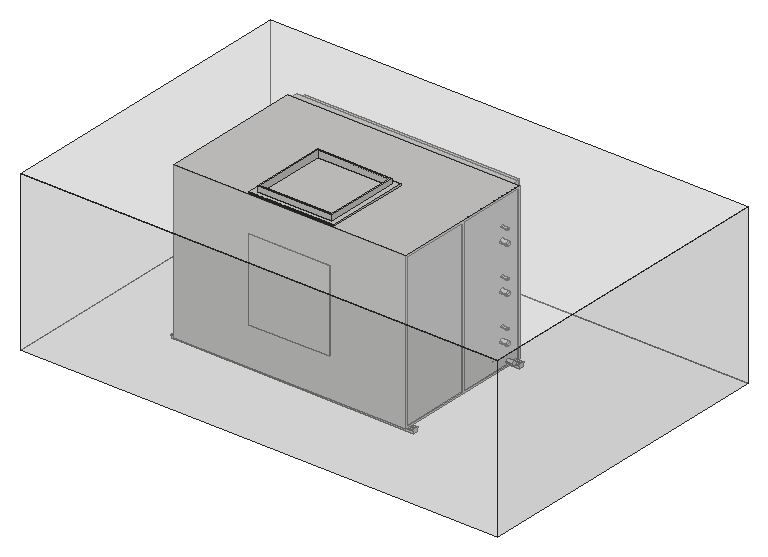
Revit family "outputfile", category 機械設備, Revit 2024
Family settings
  丸型コネクタ寸法 = 半径を使用
  パーツ タイプ = 標準
  OmniClass 番号 = 23.75.10.24.21.27.27
  OmniClass タイトル = Split System Air Conditioning Units
  作業面ベース = いいえ
  常に垂直 = はい
  ロード時にボイドで切り取り = いいえ
  注釈の向きを維持 = いいえ
  共有 = いいえ
  部屋計算ポイント = はい
Parameters (values of type "FBVN450H3BY1C")
  Description = ""
  書き出し IFC クラス(タイプ) = "IfcUnitaryEquipmentType"
  定義済み IFC タイプ(タイプ) = "AIRCONDITIONINGUNIT"
  Cost = 0
  Type Comments = ""
  Keynote = ""
  Type Image = (empty or 0)
  Assembly Code = ""
  switch_frequency = yes
  lw_power = 1050 mm
  lw_frontpanel = 754 mm
  lw_box_front = lw_box + 18 mm  # 115 mm
  lw_box = 97 mm
  lw_RA = 1057 mm
  lh_liquidpipe_3 = 390 mm
  lh_liquidpipe_2 = 810 mm
  lh_height_SA = 698 mm
  lh_ld_mountinghole_height = 35 mm
  lh_height_RA = 1326 mm
  lh_hangerfixture = 35 mm
  lh_gaspipe_3 = 270 mm
  lh_gaspipe_2 = 690 mm
  lh_frontpanel_bottom = if(Width = 1766 mm, 444 mm, if(Width = 2022 mm, 317 mm, 402 mm))  # 402 mm
  lh_frontpanel = if(Width = 1766 mm, 542 mm, if(Width = 2022 mm, 542 mm, 758 mm))  # 758 mm
  lh_circlevoid = 135.5 mm
  lh_box_top = 95 mm
  lh_box = 351 mm
  lh_SA = 1546 mm
  lh_RA = 788 mm
  ld_void = 658 mm
  ld_frontpanel = 10 mm
  ld_depth_SA = 409 mm
  ld_depth_RA = 130 mm
  ld_circlevoid = 294.5 mm
  ld_box_left = 114 mm
  ld_box = 490 mm
  connector_voltage = 0 V
  connector_powerinput = [Power Input (Cooling)]  # 45.930 kW
  connector_phase = 1
  製造元 = "Daikin"
  モデル = "FBVN450H3BY1C"
  w_pipe = 33 mm
  r_Liquid Pipe Size = Liquid Pipe Size / 2  # 7.95 mm
  r_Gas Pipe Size = Gas Pipe Size / 2  # 17.45 mm
  r_Drain Pipe Size = Drain Pipe Size / 2  # 17.0 mm
  lw_powersupply = lw_power  # 1050 mm
  lw_width_RA = 2004 mm
  lw_width_SA = 694 mm
  lh_suctionflange [instance] = 100 mm
  ld_suctionflange [instance] = 190 mm
  ld_powersupply = 200 mm
  angle_vertical_RA [instance] = 90.00°
  angle horizontal_RA [instance] = 180.00°
  Voltage_comment_50Hz = "380 - 415"
  Voltage_50Hz = 400 V
  URL = ""
  Sound Power Level_H speed (dB) = 0
  Phase_50Hz = 3
  Minimum External Static Pressure = 0.00 Pa
  Minimum Circuit Amps_50Hz = 0.0 A
  Maximum Fuse Amps_50Hz = 0.0 A
  Maximum External Static Pressure = 250.00 Pa
  Material_Casing = DAIKIN_GalvanizedSteel_Casing_indoorunit
  lw_liquidpipe = 1137 mm
  lw_gaspipe = 1137 mm
  lw_mountinghole_pitch = 2234 mm
  lw_mountinghole = 2274 mm
  lw_drainpipe = 1137 mm
  lh_powersupply = 1040 mm
  lh_liquidpipe = 1230 mm
  lh_gaspipe = 1110 mm
  lh_mountinghole = 5 mm
  lh_drainpipe = 73 mm
  lh_antena = Height - 4 mm  # 1482 mm
  ld_liquidpipe = 470 mm
  ld_gaspipe = 470 mm
  ld_mountinghole_pitch = 1240 mm
  ld_drainpipe = 539 mm
  ld_controlbox = 626 mm
  h*** = 0 mm  # constant formula
  d_dischargeflange = 60 mm
  Width = 2174 mm
  Version = "ver.1.0"
  Unit Type = "Duct"
  Unit Mass Weight = 533.00 kg
  Unit Designation [instance] = ""
  Uniclass2015Version = "Products v1.30"
  Uniclass2015Title = "Split coil room air conditioning units"
  Uniclass2015Code = "Pr_70_65_03_86"
  Total Cooling Capacity [instance] = 0.000 kW
  Sound Pressure Level_M speed (dBA) = 0
  Sound Pressure Level_L speed (dBA) = 0
  Sound Pressure Level_H speed (dBA) = 68
  Series = "Package Aircon_Fan Coil Unit"
  Sensible Cooling Capacity [instance] = 0.000 kW
  SA Duct Size Width = 694 mm
  SA Duct Size Height = 698 mm
  Refrigerant Type = "R410A"
  RA Duct Size Width = 2004 mm
  RA Duct Size Height = 1326 mm
  Power Input (Cooling) = 45.930 kW
  Option Accessory 3 [instance] = ""
  Option Accessory 2 [instance] = ""
  Option Accessory 1 [instance] = ""
  Nominal Cooling Capacity = 131.900 kW
  Minimum Airflow = 0.00 m³/h
  Median Airflow = 0.00 m³/h
  Maximum Airflow = 22937.00 m³/h
  Load Classification = HVAC
  Liquid Pipe Size = 15.9 mm
  Link_Nested Family [instance] = ""
  IfcVersion = ""
  IfcExportType = "AIRCONDITIONINGUNIT"
  IfcExportAs = "IfcUnitaryEquipmentType"
  Height = 1486 mm
  Heat Exchanger Type = "Cross Fin Coil"
  Gas Pipe Size = 34.9 mm
  Frequency_50Hz = 50 Hz
  Fan Type = "Sirocco Fan"
  Fan Drive = "-"
  FCU Tag No. [instance] = ""
  Drain Pipe Size = 34.0 mm
  Design Supply Airflow [instance] = 0.00 m³/h
  Design Return Airflow [instance] = 0.00 m³/h
  Design External Static Pressure [instance] = 0.00 Pa
  Depth = 1336 mm
  既定の高さ = 0 mm
  Cooling Entering Wet Bulb Temperature [instance] = 0.00 °C
  Cooling Entering Dry Bulb Temperature [instance] = 0.00 °C
  Cooling Ambient Wet Bulb Temperature [instance] = 0.00 °C
  Cooling Ambient Dry Bulb Temperature [instance] = 0.00 °C
  Clearance visibility [instance] = yes
  Clearance Top = 0 mm
  Clearance Right = 1500 mm
  Clearance Rear = 800 mm
  Clearance Left = 800 mm
  Clearance Front = 800 mm
  Clearance Bottom = 0 mm
Reference planes
  plane 1 "Center (Front/Back)": y = 0
  plane 2: z = 0
  plane 3 "Center (Left/Right)": x = 0
  plane 4 "Back": y = 668
  plane 5 "Front": y = -668
  plane 6 "Left": x = -1087
  plane 7 "Right": x = 1087
  plane 8 "Top": z = 0
  plane 9 "Bottom": z = -1486
  plane 10: z = -256
  plane 11: z = -376
  plane 12: x = -1117
  plane 13: x = 1117
  plane 14: x = 1137
  plane 15: x = 1137
  plane 16: z = -1481
  plane 17 "Clearance Left": x = -1887
  plane 18 "Clearance Right": x = 2587
  plane 19 "Clearance Rear": y = 1468
  plane 20 "Clearance Front": y = -1468
  plane 21 "Clearance Bottom": z = -1486
  plane 22: z = -1413
  plane 23 "ld_gas": y = 470
  plane 24: y = 470
  plane 25: y = -30
  plane 26: y = 539
  plane 27: y = 478
  plane 28: x = 1137
  plane 29: y = 620
  plane 30: y = -620
  plane 31: y = -259
  plane 32: y = 798
  plane 33 "Clearance Top": z = 0
  plane 34: z = -446
  plane 35: y = -200
  plane 36 "hangerfixture": z = -1451
  plane 37 "lh_SA": z = 60
  plane 38 "lh_RA": z = -698
  plane 39 "RA_center": x = -30
  plane 40: y = -658
  plane 41: y = 0
  plane 42: y = 658
  plane 43: z = -10
  plane 44: z = -1441
  plane 45: y = 10
  plane 46: y = -658
  plane 47: y = 0
  plane 48: y = 658
  plane 49: z = -10
  plane 50: z = -1441
  plane 51: y = 10
  plane 52 "box_bottom": z = -446
  plane 53 "box_top": z = -95
  plane 54: x = -377
  plane 55: x = 377
  plane 56: y = -678
  plane 57: y = -658
  plane 58 "lw_power": x = 1050
  plane 59: z = -676
  plane 60: z = -796
  plane 61: z = -1096
  plane 62: z = -1216
  plane 63: x = 1067
  plane 64: x = -1067
  plane 65: z = -1084
  plane 66: z = -326
Forms (mm)
  Extrusion 1, solid, material "DAIKIN_GalvanizedSteel_Casing_indoorunit" <- "Material_Casing"
    sketch origin (0, -0.8, 0) x (1, 0, 0) y (0, 1, 0)
      loop
        line (-1087, -667.2) -> (1087, -667.2) -> (1087, 668.8) -> (-1087, 668.8) -> (-1087, -667.2)
    from -1451 to 0
  Revolve 2, solid, material "DAIKIN_GalvanizedSteel_Casing_indoorunit" <- "Material_Casing"
    sketch origin (0, 0, -376) x (0, -1, 0) y (1, 0, 0)
      loop
        line (-452.55, 1067) -> (-452.55, 1137) -> (-470, 1137) -> (-470, 1067) -> (-452.55, 1067)
      axis (-470, 1067) -> (-470, 1137)
    angle from 0 to 360
  Revolve 3, solid, material "DAIKIN_GalvanizedSteel_Casing_indoorunit" <- "Material_Casing"
    sketch origin (0, 0, -256) x (0, -1, 0) y (1, 0, 0)
      loop
        line (-470, 1067) -> (-470, 1137) -> (-477.95, 1137) -> (-477.95, 1067) -> (-470, 1067)
      axis (-470, 1137) -> (-470, 1067)
    angle from 0 to 360
  Extrusion 4, solid, material "DAIKIN_GalvanizedSteel_Casing_indoorunit" <- "Material_Casing"
    sketch origin (0, 0, 0) x (0, 1, 0) y (0, 0, 1)
      loop
        circle (539, -1413) r 17
    from 1137 to 1067
  Extrusion 5, void
    sketch origin (1087, 0, 0) x (0, 1, 0) y (0, 0, 1)
      loop
        line (-658, -10) -> (-658, -1441) -> (0, -1441) -> (0, -10) -> (-658, -10)
      loop
        line (658, -10) -> (10, -10) -> (10, -1441) -> (658, -1441) -> (658, -10)
    from 0 to -20
  Extrusion 6, void
    sketch origin (-1087, 0, 0) x (0, 1, 0) y (0, 0, 1)
      loop
        line (-658, -10) -> (-658, -1441) -> (0, -1441) -> (0, -10) -> (-658, -10)
      loop
        line (658, -10) -> (10, -10) -> (10, -1441) -> (658, -1441) -> (658, -10)
    from 0 to 20
  Extrusion 7, solid, material "DAIKIN_GalvanizedSteel_Casing_indoorunit" <- "Material_Casing"
    sketch origin (0, 0, -1486) x (-1, 0, 0) y (0, -1, 0)
      loop
        line (377, 658) -> (377, 678) -> (-377, 678) -> (-377, 658) -> (377, 658)
    from 402 to 1160
  Revolve 8, solid, material "DAIKIN_GalvanizedSteel_Casing_indoorunit" <- "Material_Casing"
    sketch origin (0, 0, -796) x (0, -1, 0) y (1, 0, 0)
      loop
        line (-452.55, 1067) -> (-452.55, 1137) -> (-470, 1137) -> (-470, 1067) -> (-452.55, 1067)
      axis (-470, 1067) -> (-470, 1137)
    angle from 0 to 360
  Revolve 9, solid, material "DAIKIN_GalvanizedSteel_Casing_indoorunit" <- "Material_Casing"
    sketch origin (0, 0, -676) x (0, -1, 0) y (1, 0, 0)
      loop
        line (-470, 1067) -> (-470, 1137) -> (-477.95, 1137) -> (-477.95, 1067) -> (-470, 1067)
      axis (-470, 1137) -> (-470, 1067)
    angle from 0 to 360
  Extrusion 10, void
    sketch origin (1087, 0, 0) x (0, 1, 0) y (0, 0, 1)
      loop
        circle (373.5, -1350.5) r 13.5
    from -21 to 0
  Revolve 11, solid, material "DAIKIN_GalvanizedSteel_Casing_indoorunit" <- "Material_Casing"
    sketch origin (0, 0, -1216) x (0, -1, 0) y (1, 0, 0)
      loop
        line (-452.55, 1067) -> (-452.55, 1137) -> (-470, 1137) -> (-470, 1067) -> (-452.55, 1067)
      axis (-470, 1067) -> (-470, 1137)
    angle from 0 to 360
  Revolve 12, solid, material "DAIKIN_GalvanizedSteel_Casing_indoorunit" <- "Material_Casing"
    sketch origin (0, 0, -1096) x (0, -1, 0) y (1, 0, 0)
      loop
        line (-470, 1067) -> (-470, 1137) -> (-477.95, 1137) -> (-477.95, 1067) -> (-470, 1067)
      axis (-470, 1137) -> (-470, 1067)
    angle from 0 to 360
Cuts and joins
  Extrusion 5, Extrusion 6, Extrusion 10 cuts Extrusion 1
  Extrusion 6 cuts Revolve 2
  Extrusion 6 cuts Revolve 3
  Extrusion 6 cuts Extrusion 4
Dimensions and locks
  equal spacing: plane 12, plane 3 "Center (Left/Right)", plane 13
  "lw_mountinghole_pitch": plane 12 to plane 13
  "lh_liquidpipe": plane 10 to plane 9 "Bottom"
  "lh_gaspipe": plane 11 to plane 9 "Bottom"
  equal spacing: plane 6 "Left", plane 3 "Center (Left/Right)", plane 7 "Right"
  "Width": plane 6 "Left" to plane 7 "Right"
  "Clearance Right": plane 7 "Right" to plane 18 "Clearance Right"
  "Clearance Left": plane 17 "Clearance Left" to plane 6 "Left"
  "Clearance Rear": plane 19 "Clearance Rear" to plane 4 "Back"
  "Clearance Front": plane 5 "Front" to plane 20 "Clearance Front"
  "Depth": plane 4 "Back" to plane 5 "Front"
  equal spacing: plane 4 "Back", plane 1 "Center (Front/Back)", plane 5 "Front"
  "ld_suctionflange": plane 4 "Back" to plane 27
  "r_Liquid Pipe Size": nested 5 to Revolve 3 sketch curve
  equal spacing: plane 29, plane 1 "Center (Front/Back)", plane 30
  "ld_mountinghole_pitch": plane 29 to plane 30
  "lw_liquidpipe": plane 3 "Center (Left/Right)" to plane 14
  "lw_gaspipe": plane 3 "Center (Left/Right)" to plane 15
  "lw_drainpipe": plane 3 "Center (Left/Right)" to plane 28
  "lh_drainpipe": plane 22 to plane 9 "Bottom"
  "Clearance Top": plane 33 "Clearance Top" to plane 8 "Top"
  "Clearance Bottom": plane 9 "Bottom" to plane 21 "Clearance Bottom"
  "lh_powersupply": plane 34 to plane 9 "Bottom"
  plane 8 "Top" to level = 0 mm
  "lh_hangerfixture": plane 36 "hangerfixture" to plane 9 "Bottom"
  "lh_SA": plane 37 "lh_SA" to plane 9 "Bottom"
  "ld_depth_RA": plane 32 to plane 4 "Back"
  "lh_RA": plane 38 "lh_RA" to plane 9 "Bottom"
  "lw_RA": plane 6 "Left" to plane 39 "RA_center"
  locked: plane 36 "hangerfixture" to plane 44 at 10
  plane 5 "Front" to plane 40 = 10 mm
  locked: plane 8 "Top" to plane 43 at 10
  plane 42 to plane 4 "Back" = 10 mm
  "ld_void": plane 40 to plane 41
  "ld_void": plane 46 to plane 47
  plane 5 "Front" to plane 46 = 10 mm
  plane 48 to plane 4 "Back" = 10 mm
  locked: plane 8 "Top" to plane 49 at 10
  locked: plane 50 to plane 36 "hangerfixture" at 10
  "lh_box_top": plane 8 "Top" to plane 53 "box_top"
  "lh_box": plane 53 "box_top" to plane 52 "box_bottom"
  equal spacing: plane 54, plane 3 "Center (Left/Right)", plane 55
  "lw_power": plane 3 "Center (Left/Right)" to plane 58 "lw_power"
  "lh_gaspipe_2": plane 60 to plane 9 "Bottom"
  "lh_liquidpipe_2": plane 59 to plane 9 "Bottom"
  "ld_powersupply": plane 35 to plane 1 "Center (Front/Back)"
  "ld_drainpipe": plane 26 to plane 1 "Center (Front/Back)"
  "ld_gaspipe": plane 23 "ld_gas" to plane 1 "Center (Front/Back)"
  "r_Gas Pipe Size": plane 23 "ld_gas" to Revolve 8 sketch curve
  "r_Gas Pipe Size": plane 23 "ld_gas" to Revolve 2 sketch curve
  "r_Liquid Pipe Size": Revolve 9 sketch curve to plane 24
  "ld_liquidpipe": plane 24 to plane 1 "Center (Front/Back)"
  "ld_depth_SA": plane 31 to plane 5 "Front"
  "lh_circlevoid": Extrusion 10 sketch curve to plane 9 "Bottom"
  "Height": plane 8 "Top" to plane 9 "Bottom"
  "lh_mountinghole": plane 16 to plane 9 "Bottom"
  "lh_gaspipe_3": plane 62 to plane 9 "Bottom"
  "lh_liquidpipe_3": plane 61 to plane 9 "Bottom"
  "ld_circlevoid": Extrusion 10 sketch curve to plane 4 "Back"
  locked: plane 63 to plane 7 "Right" at 20
  locked: plane 6 "Left" to plane 64 at 20
  "lh_frontpanel_bottom": plane 65 to plane 9 "Bottom"
  "lh_frontpanel": plane 66 to plane 65
  "r_Gas Pipe Size": plane 24 to Revolve 11 sketch curve
  "r_Liquid Pipe Size": Revolve 12 sketch curve to plane 24
  "lw_frontpanel": plane 54 to plane 55
  locked: plane 57 to plane 5 "Front" at 10
  "ld_frontpanel": plane 5 "Front" to plane 56
  locked: plane 41 to plane 45 at 10
  locked: plane 47 to plane 51 at 10
  "r_Drain Pipe Size": radius of Extrusion 4 sketch curve
  diameter of Extrusion 10 sketch curve = 27 mm
  aligned and locked: level to plane 2
  aligned and locked: plane 8 "Top" to Extrusion 1
  aligned and locked: Revolve 2 sketch curve to Revolve 2 sketch curve
  aligned and locked: plane 14 to nested 5
  aligned and locked: nested 5 to plane 10
  aligned and locked: nested 2 to plane 13
  aligned and locked: nested 3 to plane 12
  aligned and locked: plane 12 to nested 4
  aligned and locked: nested 6 to plane 11
  aligned and locked: plane 23 "ld_gas" to nested 6
  aligned and locked: plane 24 to nested 5
  aligned and locked: Extrusion 4 sketch curve to plane 26
  aligned and locked: nested 10 to plane 19 "Clearance Rear"
  aligned and locked: nested 10 to plane 18 "Clearance Right"
  aligned and locked: nested 10 to plane 17 "Clearance Left"
  aligned and locked: nested 10 to plane 20 "Clearance Front"
  aligned and locked: plane 28 to Extrusion 4
  aligned and locked: plane 15 to nested 6  (x2)
  aligned and locked: plane 13 to nested 1
  aligned and locked: plane 26 to nested 7
  aligned and locked: nested 7 to plane 22
  aligned and locked: nested 7 to plane 28
  aligned and locked: plane 29 to nested 1
  aligned and locked: plane 30 to nested 2
  aligned and locked: nested 4 to plane 29
  aligned and locked: nested 3 to plane 30
  aligned and locked: nested 9 to plane 4 "Back"
  aligned and locked: plane 32 to nested 13
  aligned and locked: plane 3 "Center (Left/Right)" to nested 12
  aligned and locked: nested 10 to plane 33 "Clearance Top"
  aligned and locked: nested 10 to plane 21 "Clearance Bottom"
  aligned and locked: nested 11 to plane 9 "Bottom"
  aligned and locked: plane 36 "hangerfixture" to Extrusion 1
  aligned and locked: Extrusion 1 to plane 5 "Front"
  aligned and locked: Extrusion 1 to plane 4 "Back"
  aligned and locked: plane 38 "lh_RA" to nested 9
  aligned and locked: nested 13 to plane 38 "lh_RA"
  aligned and locked: plane 39 "RA_center" to nested 9
  aligned and locked: nested 13 to plane 39 "RA_center"
  aligned and locked: Extrusion 5 sketch curve to plane 43
  aligned and locked: Extrusion 5 sketch curve to plane 40
  aligned and locked: plane 44 to Extrusion 5 sketch curve
  aligned and locked: Extrusion 5 sketch curve to plane 41
  aligned and locked: plane 43 to Extrusion 5 sketch curve
  aligned and locked: Extrusion 5 sketch curve to plane 42
  aligned and locked: Extrusion 5 sketch curve to plane 44
  aligned and locked: Extrusion 5 sketch curve to plane 45
  aligned and locked: Extrusion 6 sketch curve to plane 49
  aligned and locked: Extrusion 6 sketch curve to plane 46
  aligned and locked: plane 50 to Extrusion 6 sketch curve
  aligned and locked: Extrusion 6 sketch curve to plane 47
  aligned and locked: plane 49 to Extrusion 6 sketch curve
  aligned and locked: Extrusion 6 sketch curve to plane 48
  aligned and locked: Extrusion 6 sketch curve to plane 50
  aligned and locked: Extrusion 6 sketch curve to plane 51
  aligned and locked: Extrusion 7 sketch curve to plane 57
  aligned and locked: Extrusion 7 sketch curve to plane 54
  aligned and locked: plane 56 to Extrusion 7 sketch curve
  aligned and locked: plane 55 to Extrusion 7 sketch curve
  aligned and locked: Revolve 8 sketch curve to Revolve 8 sketch curve
  aligned and locked: nested 15 to plane 59
  aligned and locked: nested 16 to plane 60
  aligned and locked: plane 14 to Revolve 9
  aligned and locked: nested 15 to plane 14
  aligned and locked: plane 15 to cut or joined group of Revolve 2, Extrusion 6  (x3)
  aligned and locked: cut or joined group of Revolve 2, Extrusion 6 to plane 15
  aligned and locked: nested 14 to plane 35
  aligned and locked: Revolve 2 sketch curve to plane 23 "ld_gas"
  aligned and locked: plane 23 "ld_gas" to nested 16
  aligned and locked: plane 24 to nested 15
  aligned and locked: plane 37 "lh_SA" to nested 12
  aligned and locked: plane 37 "lh_SA" to nested 8
  aligned and locked: plane 31 to nested 12
  aligned and locked: plane 31 to nested 8
  aligned and locked: cut or joined group of Extrusion 1, Extrusion 5, Extrusion 6, Extrusion 10 to cut or joined group of Extrusion 4, Extrusion 6
  aligned and locked: cut or joined group of Extrusion 1, Extrusion 5, Extrusion 6, Extrusion 10 to Revolve 9
  aligned and locked: Revolve 8 to cut or joined group of Extrusion 1, Extrusion 5, Extrusion 6, Extrusion 10
  aligned and locked: cut or joined group of Extrusion 1, Extrusion 5, Extrusion 6, Extrusion 10 to cut or joined group of Revolve 3, Extrusion 6
  aligned and locked: cut or joined group of Revolve 2, Extrusion 6 to cut or joined group of Extrusion 1, Extrusion 5, Extrusion 6, Extrusion 10
  aligned and locked: nested 14 to plane 58 "lw_power"
  aligned and locked: nested 14 to plane 34
  aligned and locked: Revolve 11 sketch curve to Revolve 11 sketch curve
  aligned and locked: nested 17 to plane 61
  aligned and locked: nested 18 to plane 62
  aligned and locked: cut or joined group of Extrusion 1, Extrusion 5, Extrusion 6, Extrusion 10 to plane 64
  aligned and locked: Extrusion 5 to plane 63
  aligned and locked: plane 24 to nested 17
  aligned and locked: plane 23 "ld_gas" to nested 18
  aligned and locked: Extrusion 7 to plane 65
  aligned and locked: plane 66 to Extrusion 7
Automatic sketch dimensions
  Extrusion 1 sketch curve to plane 4 "Back" = 0 mm
  Extrusion 1 sketch curve to plane 6 "Left" = 0 mm
  Extrusion 1 sketch curve to plane 5 "Front" = 0 mm
  Extrusion 1 sketch curve to plane 7 "Right" = 0 mm
  Revolve 3 sketch curve to plane 23 "ld_gas" = 0 mm  (x2)
  Revolve 3 sketch curve to plane 14 = 0 mm  (x2)
  Revolve 3 sketch curve to plane 7 "Right" = 20 mm
  plane 7 "Right" to Revolve 3 sketch curve = 15 mm
  Extrusion 4 sketch curve to plane 22 = 0 mm
  Revolve 9 sketch curve to plane 23 "ld_gas" = 0 mm  (x2)
  Revolve 9 sketch curve to plane 14 = 0 mm  (x2)
  Revolve 9 sketch curve to plane 7 "Right" = 20 mm
  plane 7 "Right" to Revolve 9 sketch curve = 15 mm
  Revolve 12 sketch curve to plane 14 = 0 mm  (x2)
  Revolve 12 sketch curve to plane 23 "ld_gas" = 0 mm  (x2)
  Revolve 12 sketch curve to plane 7 "Right" = 20 mm
  plane 7 "Right" to Revolve 12 sketch curve = 15 mm
  Revolve 2 sketch curve to plane 63 = 0 mm
  Revolve 2 sketch curve to plane 14 = 0 mm
  plane 7 "Right" to Revolve 2 sketch curve = 2.003 mm
  plane 14 to Revolve 2 sketch curve = 1.003 mm
  Revolve 8 sketch curve to plane 23 "ld_gas" = 0 mm
  Revolve 8 sketch curve to plane 63 = 0 mm
  Revolve 8 sketch curve to plane 14 = 0 mm
  plane 7 "Right" to Revolve 8 sketch curve = 2.003 mm
  plane 14 to Revolve 8 sketch curve = 1.003 mm
  Revolve 11 sketch curve to plane 23 "ld_gas" = 0 mm
  Revolve 11 sketch curve to plane 63 = 0 mm
  Revolve 11 sketch curve to plane 14 = 0 mm
  plane 7 "Right" to Revolve 11 sketch curve = 2.003 mm
  plane 14 to Revolve 11 sketch curve = 1.003 mm
Nested families
  nested 1: "daikin_mountinghole" at (1117, 620, -1486), Link_Nested Family <- "Link_Nested Family", h_mountinghole <- "lh_mountinghole", l_antenna <- "lh_antena", type "daikin_mountinghole"
    with show yes, l_antenna 1482 mm, h_mountinghole 5 mm, Link_Nested Family "", d_circle 23 mm
  nested 2: "daikin_mountinghole" at (1117, -620, -1486), Link_Nested Family <- "Link_Nested Family", h_mountinghole <- "lh_mountinghole", l_antenna <- "lh_antena", type "daikin_mountinghole"
    with show yes, l_antenna 1482 mm, h_mountinghole 5 mm, Link_Nested Family "", d_circle 23 mm
  nested 3: "daikin_mountinghole" at (-1117, -620, -1486), Link_Nested Family <- "Link_Nested Family", h_mountinghole <- "lh_mountinghole", l_antenna <- "lh_antena", type "daikin_mountinghole"
    with show yes, l_antenna 1482 mm, h_mountinghole 5 mm, Link_Nested Family "", d_circle 23 mm
  nested 4: "daikin_mountinghole" at (-1117, 620, -1486), Link_Nested Family <- "Link_Nested Family", h_mountinghole <- "lh_mountinghole", l_antenna <- "lh_antena", type "daikin_mountinghole"
    with show yes, l_antenna 1482 mm, h_mountinghole 5 mm, Link_Nested Family "", d_circle 23 mm
  nested 5: "daikin_connector_rotate2" at (0, 470, -256) x (0, 1, 0) z (0, 0, 1), length <- "lw_liquidpipe", built-in parameter 1001364 <- "lh_liquidpipe", radius <- "r_Liquid Pipe Size", type "daikin_connector_rotate2"
    with radius 7.95 mm, length 1137 mm, angle_vertical 90.00°
  nested 6: "daikin_connector_rotate2" at (0, 470, -376) x (0, 1, 0) z (0, 0, 1), length <- "lw_gaspipe", built-in parameter 1001364 <- "lh_gaspipe", radius <- "r_Gas Pipe Size", type "daikin_connector_rotate2"
    with radius 17.45 mm, length 1137 mm, angle_vertical 90.00°
  nested 7: "daikin_connector_rotate2" at (0, 539, -1413) x (0, 1, 0) z (0, 0, 1), built-in parameter 1001364 <- "lh_drainpipe", length <- "lw_drainpipe", radius <- "r_Drain Pipe Size", type "daikin_connector_rotate2"
    with radius 17 mm, length 1137 mm, angle_vertical 90.00°
  nested 8: "daikin_connector_rotate2" at (0, -259, 0) x (1, 0, 0) z (0, 1, 0), length <- "d_dischargeflange", type "daikin_connector_rotate2"
    with radius 10 mm, length 60 mm, angle_vertical 90.00°
  nested 9: "daikin_ductflange_FBVN-H3BY1C" at (-30, 668, -698), material <- "Material_Casing", width <- "lw_width_RA", height <- "lh_height_RA", depth <- "ld_depth_RA", type "daikin_ductflange_FBVN-H3BY1C"
    with x 35 mm, width 2004 mm, material DAIKIN_GalvanizedSteel_Casing_indoorunit, height 1326 mm, depth 130 mm
  nested 10: "daikin_clearancespace" at (350, 0, -742.881), visible <- "Clearance visibility", show <- "Clearance visibility", Link_Nested Family <- "Link_Nested Family", type "daikin_clearancespace"
    with width 4474 mm, show yes, height 1486 mm, depth 2936 mm, Link_Nested Family ""
  nested 11: "daikin_hangerfixture_FBVN-H3BY1C" at (0, 0, -1486), type "daikin_hangerfixture_FBVN-H3BY1C"
    with width 2234 mm, depth 1240 mm, G 2274 mm
  nested 12: "daikin_ductflange_FBVN-H3BY1C_1" at (0, -448.401, 0) x (1, 0, 0) z (0, 1, 0), width <- "lw_width_SA", material <- "Material_Casing", height <- "lh_height_SA", depth <- "d_dischargeflange", type "daikin_ductflange_FBVN-H3BY1C_1"
    with width 694 mm, t 10 mm, material DAIKIN_GalvanizedSteel_Casing_indoorunit, height 698 mm, depth 60 mm
  nested 13: "daikin_connector_rotate2" at (-30, 668, -698) x (-1, 0, 0) z (0, 0, 1), length <- "ld_depth_RA", type "daikin_connector_rotate2"
    with radius 10 mm, length 130 mm, angle_vertical 90.00°
  nested 14: "daikin_connector_rotate2" at (1050, -200, -95) x (0, 1, 0) z (1, 0, 0), length <- "lh_box", type "daikin_connector_rotate2"
    with radius 10 mm, length 351 mm, angle_vertical 90.00°
  nested 15: "daikin_connector_rotate2" at (0, 470, -676) x (0, 1, 0) z (0, 0, 1), length <- "lw_liquidpipe", built-in parameter 1001364 <- "lh_liquidpipe", radius <- "r_Liquid Pipe Size", type "daikin_connector_rotate2"
    with radius 7.95 mm, length 1137 mm, angle_vertical 90.00°
  nested 16: "daikin_connector_rotate2" at (0, 470, -796) x (0, 1, 0) z (0, 0, 1), length <- "lw_gaspipe", built-in parameter 1001364 <- "lh_gaspipe", radius <- "r_Gas Pipe Size", type "daikin_connector_rotate2"
    with radius 17.45 mm, length 1137 mm, angle_vertical 90.00°
  nested 17: "daikin_connector_rotate2" at (0, 470, -1096) x (0, 1, 0) z (0, 0, 1), length <- "lw_liquidpipe", built-in parameter 1001364 <- "lh_liquidpipe", radius <- "r_Liquid Pipe Size", type "daikin_connector_rotate2"
    with radius 7.95 mm, length 1137 mm, angle_vertical 90.00°
  nested 18: "daikin_connector_rotate2" at (0, 470, -1216) x (0, 1, 0) z (0, 0, 1), length <- "lw_gaspipe", built-in parameter 1001364 <- "lh_gaspipe", radius <- "r_Gas Pipe Size", type "daikin_connector_rotate2"
    with radius 17.45 mm, length 1137 mm, angle_vertical 90.00°
Connectors
  piping at (1137, 470, -376), diameter 34.9, driven by "r_Gas Pipe Size"
    settings: on nested 6, index 1, connector inside diameter 609.6 mm, connector length 0 mm, flow factor 0, pipe flow 0.00 m³/h, pressure drop 0.0 Pa, fitting loss kfactor 0, connector angle 0.00°, fixture units 0, engagement length 0 mm, angle of deflection 0.00°, flow configuration 1, flow direction 2, fitting loss method 0, system type 29, joint type 0, gender type 0, connector reference index -1, connector utility 0, adjustable connector no, is connector primary yes, connector description "Refrigerant Gas Piping"
  piping at (1137, 470, -256), diameter 15.9, driven by "r_Liquid Pipe Size"
    settings: on nested 5, index 2, connector inside diameter 609.6 mm, connector length 0 mm, flow factor 0, pipe flow 0.00 m³/h, pressure drop 0.0 Pa, fitting loss kfactor 0, connector angle 0.00°, fixture units 0, engagement length 0 mm, angle of deflection 0.00°, flow configuration 1, flow direction 1, fitting loss method 0, system type 29, joint type 0, gender type 0, connector reference index -1, connector utility 0, adjustable connector no, is connector primary no, connector description "Refrigerant Liquid Piping"
  piping at (1137, 539, -1413), diameter 34, driven by "r_Drain Pipe Size"
    settings: on nested 7, index 3, connector inside diameter 609.6 mm, connector length 0 mm, flow factor 0, pipe flow 0.00 m³/h, pressure drop 0.0 Pa, fitting loss kfactor 0, connector angle 0.00°, fixture units 0, engagement length 0 mm, angle of deflection 0.00°, flow configuration 1, flow direction 2, fitting loss method 4, system type 16, joint type 0, gender type 0, connector reference index -1, connector utility 0, adjustable connector no, is connector primary no, connector description "Condensate Drain Piping"
  hvac at (0, -259, 60), driven by "SA Duct Size Height", driven by "SA Duct Size Width"
    settings: on nested 8, index 7, duct flow 0.00 m³/h, flow factor 0, pres drop 0.00 Pa, loss coef 0, conn angle 0.00°, conn width 694.0 mm, conn height 698.0 mm, conn diameter 609.6 mm, duct sys type 1, conn prof type 1, flow config 0, flow direction 2, loss method 4, conn ref index -1, conn util no, is conn primary yes, conn desc "SA Duct"
  hvac at (-30, 798, -698), driven by "RA Duct Size Width", driven by "RA Duct Size Height"
    settings: on nested 13, index 8, duct flow 0.00 m³/h, flow factor 0, pres drop 0.00 Pa, loss coef 0, conn angle 0.00°, conn width 2004.0 mm, conn height 1326.0 mm, conn diameter 609.6 mm, duct sys type 2, conn prof type 1, flow config 0, flow direction 1, loss method 4, conn ref index -1, conn util no, is conn primary no, conn desc "RA Duct"
  electrical at (1050, -200, -446), driven by "Load Classification", driven by "connector_phase", driven by "connector_powerinput", driven by "connector_voltage"
    settings: on nested 14, index 9, voltage 0 V, apparent load 45930 VA, apparent load phase1 0 VA, apparent load phase2 0 VA, apparent load phase3 0 VA, power factor 1, load classification "HVAC", number of poles 1, system type 30, power factor state 1, is connector primary yes, connector utility no, sub classification motor no, connector description "Power Supply"
  piping at (1137, 470, -796), diameter 34.9, driven by "r_Gas Pipe Size"
    settings: on nested 16, index 10, connector inside diameter 609.6 mm, connector length 0 mm, flow factor 0, pipe flow 0.00 m³/h, pressure drop 0.0 Pa, fitting loss kfactor 0, connector angle 0.00°, fixture units 0, engagement length 0 mm, angle of deflection 0.00°, flow configuration 1, flow direction 2, fitting loss method 0, system type 29, joint type 0, gender type 0, connector reference index -1, connector utility 0, adjustable connector no, is connector primary no, connector description "Refrigerant Gas Piping"
  piping at (1137, 470, -676), diameter 15.9, driven by "r_Liquid Pipe Size"
    settings: on nested 15, index 11, connector inside diameter 609.6 mm, connector length 0 mm, flow factor 0, pipe flow 0.00 m³/h, pressure drop 0.0 Pa, fitting loss kfactor 0, connector angle 0.00°, fixture units 0, engagement length 0 mm, angle of deflection 0.00°, flow configuration 1, flow direction 1, fitting loss method 0, system type 29, joint type 0, gender type 0, connector reference index -1, connector utility 0, adjustable connector no, is connector primary no, connector description "Refrigerant Liquid Piping"
  piping at (1137, 470, -1216), diameter 34.9, driven by "r_Gas Pipe Size"
    settings: on nested 18, index 12, connector inside diameter 609.6 mm, connector length 0 mm, flow factor 0, pipe flow 0.00 m³/h, pressure drop 0.0 Pa, fitting loss kfactor 0, connector angle 0.00°, fixture units 0, engagement length 0 mm, angle of deflection 0.00°, flow configuration 1, flow direction 2, fitting loss method 0, system type 29, joint type 0, gender type 0, connector reference index -1, connector utility 0, adjustable connector no, is connector primary no, connector description "Refrigerant Gas Piping"
  piping at (1137, 470, -1096), diameter 15.9, driven by "r_Liquid Pipe Size"
    settings: on nested 17, index 13, connector inside diameter 609.6 mm, connector length 0 mm, flow factor 0, pipe flow 0.00 m³/h, pressure drop 0.0 Pa, fitting loss kfactor 0, connector angle 0.00°, fixture units 0, engagement length 0 mm, angle of deflection 0.00°, flow configuration 1, flow direction 1, fitting loss method 0, system type 29, joint type 0, gender type 0, connector reference index -1, connector utility 0, adjustable connector no, is connector primary no, connector description "Refrigerant Liquid Piping"
Definition of nested family "daikin_ductflange_FBVN-H3BY1C"
  Parameters (values of type "daikin_ductflange_2FGN-HTL")
    x [instance] = if(width = 1636 mm, 15 mm, 35 mm)  # 15 mm
    width [instance] = 1636 mm
    material [instance] = none
    height [instance] = 747 mm
    depth [instance] = 130 mm
    Default Elevation = 0 mm
  Reference planes
    plane 1 "Center (Front/Back)": y = 0
    plane 2: z = 0
    plane 3 "Center (Left/Right)": x = 0
    plane 4: x = -818
    plane 5: x = 818
    plane 6: z = 373.5
    plane 7: z = -373.5
    plane 8: y = 80
    plane 9: y = 130
    plane 10: x = -813
    plane 11: x = 813
    plane 12: z = -368.5
    plane 13: z = 368.5
    plane 14: x = -833
    plane 15: x = 833
    plane 16: z = 393.5
    plane 17: z = -380
  Forms (mm)
    Extrusion 1, solid, material <- "material"
      sketch origin (0, 0, 0) x (1, 0, 0) y (0, 0, 1)
        loop
          line (-833, 393.5) -> (-833, -380) -> (833, -380) -> (833, 393.5) -> (-833, 393.5)
        loop
          line (-813, 368.5) -> (-813, -368.5) -> (813, -368.5) -> (813, 368.5) -> (-813, 368.5)
      from 0 to -80
    Extrusion 2, solid, material <- "material"
      sketch origin (0, 0, 0) x (1, 0, 0) y (0, 0, 1)
        loop
          line (-818, 373.5) -> (-818, -373.5) -> (818, -373.5) -> (818, 373.5) -> (-818, 373.5)
        loop
          line (813, 368.5) -> (-813, 368.5) -> (-813, -368.5) -> (813, -368.5) -> (813, 368.5)
      from -130 to -80
  Cuts and joins
    joined: Extrusion 1, Extrusion 2
  Dimensions and locks
    equal spacing: plane 5, plane 3 "Center (Left/Right)", plane 4
    "width": plane 5 to plane 4
    equal spacing: plane 6, level, plane 7
    "height": plane 6 to plane 7
    locked: plane 1 "Center (Front/Back)" to plane 8 at 80
    "depth": plane 1 "Center (Front/Back)" to plane 9
    plane 6 to plane 13 = 5 mm
    plane 12 to plane 7 = 5 mm
    plane 5 to plane 11 = 5 mm
    plane 10 to plane 4 = 5 mm
    "x": plane 4 to plane 14
    "x": plane 15 to plane 5
    locked: plane 16 to plane 6 at 20
    locked: plane 7 to plane 17 at 6.5
    aligned and locked: level to plane 2
    aligned and locked: Extrusion 1 to plane 8
    aligned and locked: plane 1 "Center (Front/Back)" to Extrusion 1
    aligned and locked: Extrusion 2 to plane 9
    aligned and locked: Extrusion 2 to Extrusion 1
    aligned and locked: plane 13 to Extrusion 2 sketch curve
    aligned and locked: plane 11 to Extrusion 2 sketch curve
    aligned and locked: Extrusion 2 sketch curve to plane 12
    aligned and locked: Extrusion 2 sketch curve to plane 10
    aligned and locked: Extrusion 1 sketch curve to plane 16
    aligned and locked: plane 14 to Extrusion 1 sketch curve
    aligned and locked: plane 17 to Extrusion 1 sketch curve
    aligned and locked: Extrusion 1 sketch curve to plane 15
  Automatic sketch dimensions
    Extrusion 2 sketch curve to plane 4 = 0 mm
    Extrusion 2 sketch curve to plane 5 = 0 mm
    Extrusion 2 sketch curve to plane 7 = 0 mm
    Extrusion 2 sketch curve to plane 6 = 0 mm
    plane 4 to Extrusion 1 sketch curve = 5 mm
    Extrusion 1 sketch curve to plane 5 = 5 mm
    plane 7 to Extrusion 1 sketch curve = 5 mm
    Extrusion 1 sketch curve to plane 6 = 5 mm
Definition of nested family "daikin_clearancespace"
  Parameters (values of type "daikin_clearancespace")
    Description = "daikin_clearancespace"
    width [instance] = 1823.963 mm
    show [instance] = yes
    material = none
    height [instance] = 1359.762 mm
    depth [instance] = 880 mm
    Default Elevation = 0 mm
    Link_Nested Family [instance] = ""
  Reference planes
    plane 1 "Center (Front/Back)": y = 0
    plane 2 "Center (Elevation)": z = -0.119
    plane 3 "Center (Left/Right)": x = 0
    plane 4: y = 440
    plane 5: y = -440
    plane 6 "Right": x = 911.982
    plane 7 "Left": x = -911.982
    plane 8 "Top": z = 679.762
    plane 9 "Bottom": z = -680
  Forms (mm)
    Extrusion 1, solid, material <- "material", visible <- "show"
      sketch origin (0, 0, 0) x (1, 0, 0) y (0, 1, 0)
        loop
          line (-911.982, 440) -> (-911.982, -440) -> (911.982, -440) -> (911.982, 440) -> (-911.982, 440)
      from -680 to 679.762
  Lines and regions (mm)
    symbolic lines, visible <- "show"
      curve 1: line (911.982, 440, 0) -> (-911.982, 440, 0)
      curve 2: line (-911.982, 440, 0) -> (-911.982, -440, 0)
      curve 3: line (-911.982, -440, 0) -> (911.982, -440, 0)
      curve 4: line (911.982, -440, 0) -> (911.982, 440, 0)
      curve 5: line (911.982, 0, 679.762) -> (-911.982, 0, 679.762)
      curve 6: line (911.982, 0, -680) -> (911.982, 0, 679.762)
      curve 7: line (-911.982, 0, -680) -> (911.982, 0, -680)
      curve 8: line (-911.982, 0, 679.762) -> (-911.982, 0, -680)
      curve 9: line (0, 440, 679.762) -> (0, -440, 679.762)
      curve 10: line (0, -440, 679.762) -> (0, -440, -680)
      curve 11: line (0, 440, -680) -> (0, 440, 679.762)
      curve 12: line (0, -440, -680) -> (0, 440, -680)
  Dimensions and locks
    "width": plane 7 "Left" to plane 6 "Right"
    "depth": plane 4 to plane 5
    "height": plane 8 "Top" to plane 9 "Bottom"
    equal spacing: plane 7 "Left", plane 3 "Center (Left/Right)", plane 6 "Right"
    equal spacing: plane 4, plane 1 "Center (Front/Back)", plane 5
    equal spacing: plane 8 "Top", plane 2 "Center (Elevation)", plane 9 "Bottom"
    aligned and locked: level to plane 2 "Center (Elevation)"
    aligned and locked: Extrusion 1 sketch curve to plane 4
    aligned and locked: plane 7 "Left" to Extrusion 1 sketch curve
    aligned and locked: Extrusion 1 sketch curve to plane 5
    aligned and locked: Extrusion 1 sketch curve to plane 6 "Right"
    aligned and locked: plane 8 "Top" to Extrusion 1
    aligned and locked: curve 1 to Extrusion 1
    aligned and locked: curve 2 to Extrusion 1
    aligned and locked: curve 3 to Extrusion 1
    aligned and locked: curve 4 to Extrusion 1
    aligned and locked: curve 5 to Extrusion 1
    aligned and locked: curve 6 to Extrusion 1
    aligned and locked: curve 7 to Extrusion 1
    aligned and locked: curve 8 to Extrusion 1
    aligned and locked: curve 9 to Extrusion 1
    aligned and locked: curve 10 to Extrusion 1
    aligned and locked: curve 11 to Extrusion 1
    aligned and locked: curve 12 to Extrusion 1
    aligned and locked: Extrusion 1 to plane 9 "Bottom"
Definition of nested family "daikin_hangerfixture_FBVN-H3BY1C"
  Parameters (values of type "daikin_hangerfixture_2FGN-HTL")
    width = 1826 mm
    material = none
    height = 35 mm
    e = 40 mm
    depth = 974 mm
    Default Elevation = 0 mm
    G = 1866 mm
    E = 50 mm
  Reference planes
    plane 1 "Center (Front/Back)": y = 0
    plane 2: z = 0
    plane 3 "Center (Left/Right)": x = 0
    plane 4: x = 913
    plane 5: x = -913
    plane 6: z = 35
    plane 7: y = 487
    plane 8: y = -487
    plane 9: x = -933
    plane 10: x = 933
    plane 11: y = 527
    plane 12: y = -527
  Forms (mm)
    Extrusion 1, solid
      sketch origin (0, 0, 0) x (0, 1, 0) y (0, 0, 1)
        loop
          line (-499.93, 0) -> (-474.07, 0) -> (-474.07, 30) -> (-463.449, 30) -> (-463.449, 35) -> (-479.07, 35) -> (-479.07, 5) -> (-494.93, 5) -> (-494.93, 35) -> (-512.86, 35) -> (-512.86, 30) -> (-499.93, 30) -> (-499.93, 0)
        loop
          line (499.93, 0) -> (499.93, 30) -> (512.86, 30) -> (512.86, 35) -> (494.93, 35) -> (494.93, 5) -> (479.07, 5) -> (479.07, 35) -> (463.449, 35) -> (463.449, 30) -> (474.07, 30) -> (474.07, 0) -> (499.93, 0)
      from -933 to 933
    Extrusion 2, void
      sketch origin (0, 0, 0) x (1, 0, 0) y (0, 1, 0)
        loop
          circle (-913, 487) r 7.5
        loop
          circle (-913, -487) r 7.5
        loop
          circle (913, -487) r 7.5
        loop
          circle (913, 487) r 7.5
      from 0 to 9
  Cuts and joins
    Extrusion 2 cuts Extrusion 1
  Dimensions and locks
    "width": plane 5 to plane 4
    equal spacing: plane 5, plane 3 "Center (Left/Right)", plane 4
    "depth": plane 8 to plane 7
    equal spacing: plane 8, plane 1 "Center (Front/Back)", plane 7
    "height": plane 6 to level
    "e": plane 7 to plane 11
    "e": plane 12 to plane 8
    equal spacing: plane 9, plane 3 "Center (Left/Right)", plane 10
    "G": plane 9 to plane 10
    Extrusion 1 sketch curve to Extrusion 1 sketch curve to Extrusion 1 sketch curve to plane 8 to Extrusion 1 sketch curve to Extrusion 1 sketch curve to Extrusion 1 sketch curve = 12.93 mm locked, 5 mm locked, 7.93 mm locked, 7.93 mm locked, 5 mm locked, 10.621 mm locked
    Extrusion 1 sketch curve to Extrusion 1 sketch curve to Extrusion 1 sketch curve to plane 7 to Extrusion 1 sketch curve to Extrusion 1 sketch curve to Extrusion 1 sketch curve = 10.621 mm locked, 5 mm locked, 7.93 mm locked, 7.93 mm locked, 5 mm locked, 12.93 mm locked
    aligned and locked: level to plane 2
    aligned and locked: Extrusion 1 to plane 9
    aligned and locked: plane 10 to Extrusion 1
    aligned and locked: plane 7 to Extrusion 2 sketch curve  (x2)
    aligned and locked: plane 5 to Extrusion 2 sketch curve  (x2)
    aligned and locked: plane 8 to Extrusion 2 sketch curve  (x2)
    aligned and locked: plane 4 to Extrusion 2 sketch curve  (x2)
  Automatic sketch dimensions
    Extrusion 1 sketch curve to plane 6 = 0 mm  (x4)
    Extrusion 1 sketch curve to level = 0 mm  (x2)
    Extrusion 1 sketch curve to plane 6 = 5 mm  (x3)
    level to Extrusion 1 sketch curve = 5 mm  (x2)
    Extrusion 1 sketch curve to Extrusion 1 sketch curve = 5 mm
    radius of Extrusion 2 sketch curve = 7.5 mm  (x4)
Definition of nested family "daikin_ductflange_FBVN-H3BY1C_1"
  Parameters (values of type "daikin_ductflange_2FDN200HTL_1")
    width [instance] = 474 mm
    t [instance] = 10 mm
    material [instance] = none
    height [instance] = 408 mm
    depth [instance] = 60 mm
    Default Elevation = 0 mm
  Reference planes
    plane 1 "Center (Front/Back)": y = 0
    plane 2: z = 189.401
    plane 3 "Center (Left/Right)": x = 0
    plane 4: y = 0
    plane 5: y = -60
    plane 6: y = -10
    plane 7: z = 393.401
    plane 8: z = -14.599
    plane 9: x = -227
    plane 10: x = 227
    plane 11: x = -237
    plane 12: x = 237
    plane 13: z = 383.401
    plane 14: z = -4.599
    plane 15: x = -287
    plane 16: z = 433.401
    plane 17: z = -54.599
    plane 18: x = 287
  Forms (mm)
    Extrusion 1, solid, material <- "material"
      sketch origin (0, 0, 0) x (1, 0, 0) y (0, 0, 1)
        loop
          line (-237, 393.401) -> (-237, -14.599) -> (237, -14.599) -> (237, 393.401) -> (-237, 393.401)
        loop
          line (-227, 383.401) -> (-227, -4.599) -> (227, -4.599) -> (227, 383.401) -> (-227, 383.401)
      from 10 to 60
    Extrusion 2, solid, material <- "material"
      sketch origin (0, 0, 0) x (1, 0, 0) y (0, 0, 1)
        loop
          line (-287, 433.401) -> (-287, -54.599) -> (287, -54.599) -> (287, 433.401) -> (-287, 433.401)
        loop
          line (-227, 383.401) -> (-227, -4.599) -> (227, -4.599) -> (227, 383.401) -> (-227, 383.401)
      from 0 to 10
  Cuts and joins
    joined: Extrusion 1, Extrusion 2
  Dimensions and locks
    plane 4 to plane 1 "Center (Front/Back)" = 0 mm
    "depth": plane 5 to plane 4
    plane 6 to plane 4 = 10 mm
    equal spacing: plane 7, level, plane 8
    "height": plane 7 to plane 8
    equal spacing: plane 10, plane 3 "Center (Left/Right)", plane 9
    "t": plane 9 to plane 11
    "t": plane 12 to plane 10
    "t": plane 7 to plane 13
    "t": plane 14 to plane 8
    plane 11 to plane 15 = 50 mm
    plane 18 to plane 12 = 50 mm
    plane 16 to plane 7 = 40 mm
    plane 8 to plane 17 = 40 mm
    "width": plane 12 to plane 11
    aligned and locked: level to plane 2
    aligned and locked: Extrusion 1 sketch curve to plane 7
    aligned and locked: plane 11 to Extrusion 1 sketch curve
    aligned and locked: plane 8 to Extrusion 1 sketch curve
    aligned and locked: Extrusion 1 sketch curve to plane 12
    aligned and locked: Extrusion 1 sketch curve to plane 13
    aligned and locked: plane 9 to Extrusion 1 sketch curve
    aligned and locked: plane 14 to Extrusion 1 sketch curve
    aligned and locked: Extrusion 1 sketch curve to plane 10
    aligned and locked: plane 6 to Extrusion 1
    aligned and locked: Extrusion 1 to plane 5
    aligned and locked: Extrusion 2 sketch curve to plane 16
    aligned and locked: plane 15 to Extrusion 2 sketch curve
    aligned and locked: plane 17 to Extrusion 2 sketch curve
    aligned and locked: Extrusion 2 sketch curve to plane 18
    aligned and locked: Extrusion 2 sketch curve to Extrusion 1  (x4)
    aligned and locked: Extrusion 2 to plane 1 "Center (Front/Back)"
    aligned and locked: Extrusion 2 to plane 6
  Automatic sketch dimensions
    Extrusion 2 sketch curve to plane 15 = 0 mm
Definition of nested family "daikin_mountinghole"
  Parameters (values of type "daikin_mountinghole")
    Default Elevation = 1219.2 mm
    Type Comments = "mountinghole"
    show [instance] = yes
    material = none
    l_centerline = 100 mm
    l_antenna [instance] = 100 mm
    h_mountinghole [instance] = 0 mm
    d_circle = 30 mm
    Link_Nested Family [instance] = ""
  Reference planes
    plane 1 "Center (Front/Back)": y = 0
    plane 2: z = 0
    plane 3 "Center (Left/Right)": x = 0
    plane 4: y = 50
    plane 5: x = -50
    plane 6: x = 50
    plane 7: y = -50
    plane 8 "h_mountinghole": z = 0
    plane 9: z = 100
  Lines and regions (mm)
    model lines, detail levels fine
      curve 1: circle (0, 0, 0) r 15 normal (0, 0, 1)
      curve 2: line (-50, 0, 0) -> (50, 0, 0)
      curve 3: line (0, 50, 0) -> (0, -50, 0)
    symbolic lines, detail levels fine
      curve 4: circle (0, 0, 0) r 15 normal (0, 0, 1)
      curve 5: line (-50, 0, 0) -> (50, 0, 0)
      curve 6: line (0, 50, 0) -> (0, -50, 0)
    model lines
      curve 7: line (0, 0, 100) -> (0, 0, 0)
  Dimensions and locks
    equal spacing: plane 4, plane 1 "Center (Front/Back)", plane 7
    "l_centerline": plane 4 to plane 7
    equal spacing: plane 5, plane 3 "Center (Left/Right)", plane 6
    "l_centerline": plane 5 to plane 6
    "l_antenna": plane 9 to plane 8 "h_mountinghole"
    "h_mountinghole": plane 8 "h_mountinghole" to plane 2
    "d_circle": diameter of curve 1
    "d_circle": diameter of curve 4
    aligned and locked: level to plane 2
    aligned and locked: plane 1 "Center (Front/Back)" to curve 1
    aligned and locked: plane 3 "Center (Left/Right)" to curve 1
    aligned and locked: plane 1 "Center (Front/Back)" to curve 2
    aligned and locked: curve 3 to plane 3 "Center (Left/Right)"
    aligned and locked: plane 6 to curve 2
    aligned and locked: plane 5 to curve 2
    aligned and locked: plane 4 to curve 3
    aligned and locked: plane 7 to curve 3
    aligned and locked: plane 1 "Center (Front/Back)" to curve 4
    aligned and locked: plane 3 "Center (Left/Right)" to curve 4
    aligned and locked: plane 6 to curve 5
    aligned and locked: plane 5 to curve 5
    aligned and locked: plane 1 "Center (Front/Back)" to curve 5
    aligned and locked: plane 4 to curve 6
    aligned and locked: plane 7 to curve 6
    aligned and locked: curve 6 to plane 3 "Center (Left/Right)"
    aligned and locked: curve 7 to plane 3 "Center (Left/Right)"
    aligned and locked: plane 9 to curve 7
    aligned and locked: plane 8 "h_mountinghole" to curve 7
Definition of nested family "daikin_connector_rotate2"
  Parameters (values of type "daikin_connector_rotate2")
    show_face = no
    radius [instance] = 10 mm
    length [instance] = 600 mm
    d_surface = 10 mm
    angle_vertical [instance] = 90.00°
    Default Elevation = 0 mm
  Reference planes
    plane 1 "Center (Front/Back)": y = 0
    plane 2: z = 0
    plane 3 "Center (Left/Right)": x = 0
  Forms (mm)
    Extrusion 1, solid, visible <- "show_face"
      sketch origin (0, -600, 0) x (1, 0, 0) y (0, 0, 1)
        loop
          circle (0, 0) r 10
      from 0 to -10
  Lines and regions (mm)
    reference lines
      curve 1: line (0, 0, 0) -> (0, -600, 0)
    symbolic lines
      curve 2: circle (0, 0, 0) r 5 normal (0, 0, 1)
    model lines, visible <- "show_face"
      curve 3: line (0, 0, 0) -> (0, -600, 0)
  Dimensions and locks
    "length": curve 1 to curve 1
    "length": curve 3 to curve 3
    "d_surface": Extrusion 1 to Extrusion 1
    "radius": radius of Extrusion 1 sketch curve
    "angle_vertical": angle curve 1 to plane 1 "Center (Front/Back)"
    "angle_vertical": angle curve 3 to plane 1 "Center (Front/Back)"
    aligned and locked: level to plane 2
    aligned and locked: plane 1 "Center (Front/Back)" to curve 1
    aligned and locked: plane 2 to curve 1
    aligned and locked: plane 1 "Center (Front/Back)" to curve 2
    aligned and locked: plane 3 "Center (Left/Right)" to curve 2
    aligned and locked: plane 1 "Center (Front/Back)" to curve 3
    aligned and locked: plane 2 to curve 3
    aligned and locked: Extrusion 1 to Extrusion 1
  Automatic sketch dimensions
    Extrusion 1 sketch curve to level = 0 mm
    Extrusion 1 sketch curve to plane 3 "Center (Left/Right)" = 0 mm
    radius of curve 2 = 5 mm
